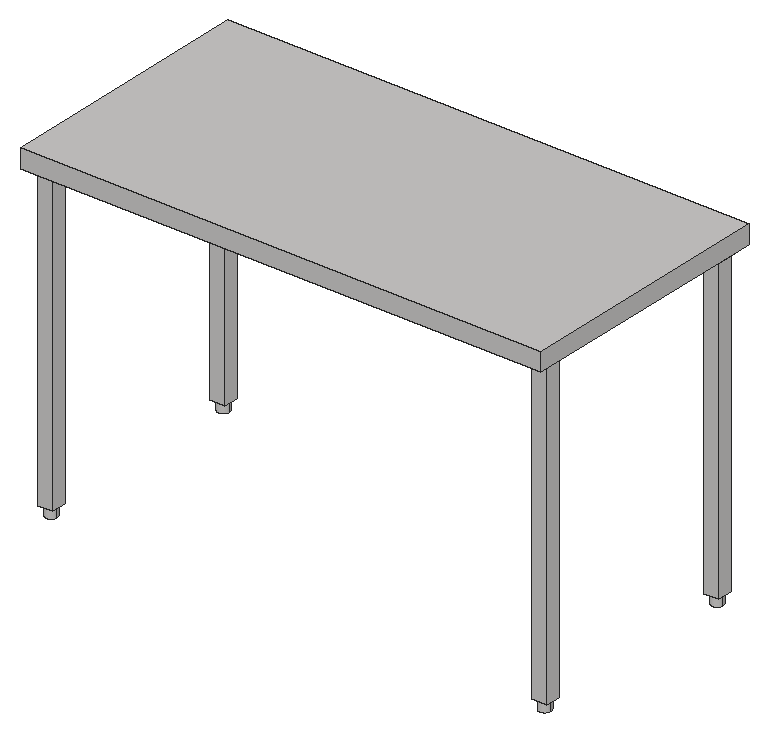
Revit family "QF_ELECTROLUXPROFESSIONAL_132725_TG1400PN", category Attrezzature speciali, Revit 2020
Family settings
  Quota connettore circolare = Usa diametro
  Tipo di parte = Normale
  Basato su piano di lavoro = No
  Sempre verticale = Sì
  Taglio con vuoti quando caricato = No
  Condiviso = No
  Punto di calcolo locali = No
Parameters (values of type "Standard")
  Weight = 33.00 kg
  Watts = 0 W
  Volts = 0 V
  URL Manufacturer = "https://www.electroluxprofessional.com/"
  URL = "https://www.electroluxprofessional.com/"
  Steam Supply Size = 0 mm
  Steam Supply Minimum Pressure = 0.0 Pa
  Steam Supply Maximum Pressure = 0.0 Pa
  Steam Consumption per Hour = 0
  Refrigeration Suction Line Size = 0.0 mm
  Refrigeration Liquid Line Size = 0.0 mm
  Refrigerant Compressor Remote = yes
  Prospetto di default = 0.0 mm
  Produttore = "Electrolux Professional"
  Phase = 0
  Modello = "TG1400PN"
  Length Actual = 1400.0 mm  # constant formula
  Item Number = "132725"
  Hot Water Size = 0 mm
  Height Actual = 900.0 mm  # constant formula
  HP = "0 HP"
  Gas Size = 0 mm
  Gas KW = 0
  Gas Input Pressure = 0 W
  Direct Waste Size = 0 mm
  Descrizione = "WORK TABLE 1400 MM"
  Depth Actual = 700.0 mm  # constant formula
  Cycle = 0 Hz
  Condensate Return Size = 0 mm
  Compressed Air Volume = 0.0 L/s
  Compressed Air Size = 0 mm
  Compressed Air Pressure = 0.0 Pa
  Cold Water Size = 0 mm
  Accessory = yes
Reference planes
  plane 1 "Center (Front/Back)": y = 0
  plane 2: z = 0
  plane 3 "Center (Left/Right)": x = -200
  plane 4 "LEFT": x = -900
  plane 5 "RIGHT": x = 500
  plane 6 "BACK": y = 350
  plane 7 "FRONT": y = -350
  plane 8 "Base": z = 850
  plane 9 "TOP": z = 900
  plane 10: x = -864.5
  plane 11: x = 464.5
  plane 12: y = 290
  plane 13: y = -290
Forms (mm)
  Extrusion 1, solid, material "QF_Finishes_Stainless Steel"
    sketch origin (-200, 0, 0) x (0, 1, 0) y (0, 0, 1)
      loop
        line (-350, 850) -> (350, 850) -> (350, 900) -> (-350, 900) -> (-350, 850)
    from 700 to -700
Lines and regions (mm)
  symbolic lines
    curve 1: line (500, 350, 900) -> (-900, 350, 900)
    curve 2: line (-900, 350, 900) -> (-900, -350, 900)
    curve 3: line (-900, -350, 900) -> (500, -350, 900)
    curve 4: line (500, -350, 900) -> (500, 350, 900)
Dimensions and locks
  plane 4 "LEFT" to plane 5 "RIGHT" = 1400.0 mm
  equal spacing: plane 4 "LEFT", plane 3 "Center (Left/Right)", plane 5 "RIGHT"
  locked: plane 8 "Base" to level at 850
  plane 4 "LEFT" to plane 10 = 35.5 mm
  plane 11 to plane 5 "RIGHT" = 35.5 mm
  plane 10 to plane 11 = 1329.0 mm
  locked: plane 9 "TOP" to level at 900
  plane 6 "BACK" to plane 12 = 60.0 mm
  plane 13 to plane 7 "FRONT" = 60.0 mm
  plane 6 "BACK" to plane 7 "FRONT" = 700.0 mm
  plane 12 to plane 13 = 580.0 mm
  equal spacing: plane 6 "BACK", plane 1 "Center (Front/Back)", plane 7 "FRONT"
  aligned and locked: level to plane 2
  aligned and locked: plane 10 to nested 1
  aligned and locked: nested 1 to plane 13
  aligned and locked: plane 11 to nested 2
  aligned and locked: nested 2 to plane 13
  aligned and locked: plane 11 to nested 4
  aligned and locked: nested 4 to plane 12
  aligned and locked: plane 10 to nested 3
  aligned and locked: nested 3 to plane 12
  aligned and locked: Extrusion 1 to plane 4 "LEFT"
  aligned and locked: plane 5 "RIGHT" to Extrusion 1
  aligned and locked: curve 2 to plane 4 "LEFT"
Automatic sketch dimensions
  Extrusion 1 sketch curve to plane 7 "FRONT" = 0.0 mm
  Extrusion 1 sketch curve to plane 8 "Base" = 0.0 mm
  curve 3 to plane 7 "FRONT" = 0.0 mm
  curve 4 to plane 6 "BACK" = 0.0 mm
  Extrusion 1 sketch curve to plane 9 "TOP" = 0.0 mm
  Extrusion 1 sketch curve to plane 6 "BACK" = 0.0 mm
  curve 4 to plane 5 "RIGHT" = 0.0 mm
Nested families
  nested 1: "FEET_40x40" at (-864.5, -290, 0), type "FEET_40x40"
  nested 2: "FEET_40x40" at (464.5, -290, 0), type "FEET_40x40"
  nested 3: "FEET_40x40" at (-864.5, 290, 0), type "FEET_40x40"
  nested 4: "FEET_40x40" at (464.5, 290, 0), type "FEET_40x40"
Definition of nested family "FEET_40x40"
  Parameters
    Default Elevation = 0.0 mm
    FEET = 850.0 mm
  Reference planes
    plane 1 "Center (Front/Back)": y = 0
    plane 2: z = 0
    plane 3 "Center (Left/Right)": x = 0
    plane 4: z = 850
  Forms (mm)
    Extrusion 1, solid
      sketch origin (0, 0, 0) x (1, 0, 0) y (0, 1, 0)
        loop
          line (-20, -20) -> (20, -20) -> (20, 20) -> (-20, 20) -> (-20, -20)
      from 25 to 845
    Extrusion 2, solid
      sketch origin (0, 0, 0) x (1, 0, 0) y (0, 1, 0)
        loop
          circle (0, 0) r 16
      from 0 to 25
    Extrusion 3, solid
      sketch origin (0, 0, 0) x (1, 0, 0) y (0, 1, 0)
        loop
          line (30, 30) -> (-30, 30) -> (-30, -30) -> (30, -30) -> (30, 30)
      from 845 to 850
  Lines and regions (mm)
    symbolic lines
      curve 1: line (0, -1.503, 0) -> (0, 1.508, 0)
      curve 2: line (1.561, 0, 0) -> (-1.439, 0, 0)
  Dimensions and locks
    "FEET": plane 4 to plane 2
    aligned and locked: level to plane 2
  Automatic sketch dimensions
    Extrusion 1 sketch curve to plane 3 "Center (Left/Right)" = 20.0 mm
    plane 3 "Center (Left/Right)" to Extrusion 1 sketch curve = 20.0 mm
    plane 1 "Center (Front/Back)" to Extrusion 1 sketch curve = 20.0 mm
    Extrusion 1 sketch curve to plane 1 "Center (Front/Back)" = 20.0 mm
    plane 1 "Center (Front/Back)" to Extrusion 2 sketch curve = 0.0 mm
    Extrusion 2 sketch curve to plane 3 "Center (Left/Right)" = 0.0 mm
    plane 3 "Center (Left/Right)" to Extrusion 3 sketch curve = 30.0 mm
    Extrusion 3 sketch curve to plane 1 "Center (Front/Back)" = 30.0 mm
    Extrusion 3 sketch curve to plane 3 "Center (Left/Right)" = 30.0 mm
    plane 1 "Center (Front/Back)" to Extrusion 3 sketch curve = 30.0 mm
    plane 1 "Center (Front/Back)" to curve 2 = 0.0 mm
    curve 1 to plane 3 "Center (Left/Right)" = 0.0 mm
    curve 2 to plane 3 "Center (Left/Right)" = 1.439 mm
    plane 3 "Center (Left/Right)" to curve 2 = 1.561 mm
    plane 1 "Center (Front/Back)" to curve 1 = 1.503 mm
    curve 1 to plane 1 "Center (Front/Back)" = 1.508 mm
    radius of Extrusion 2 sketch curve = 16.0 mm
